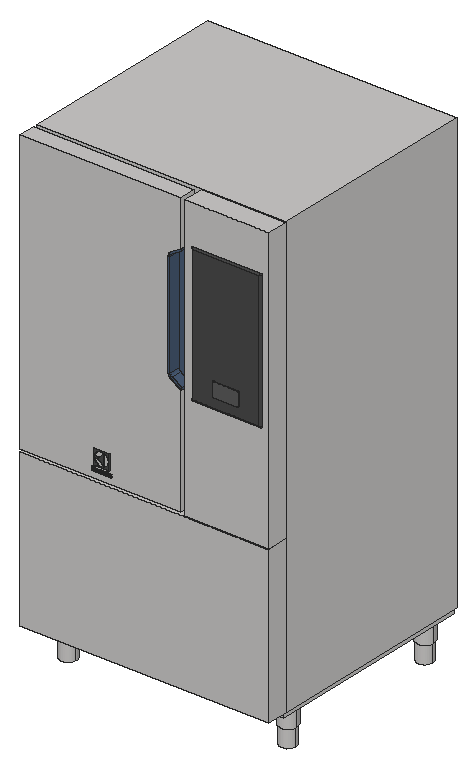
Revit family "QF_ELECTROLUXPROFESSIONAL_725077_EBFA11EP2P", category Specialty Equipment, Revit 2018 (continued)
Definition of nested family "ELX_Logo_Symbol"
  Forms (mm)
    Extrusion 1, solid
      sketch origin (0, 0, 0) x (1, 0, 0) y (0, 1, 0)
        loop
          line (-1219.2, 1219.2) -> (-1219.2, -1219.2) -> (1219.2, -1219.2) -> (1219.2, 1219.2) -> (-1219.2, 1219.2)
      from 0 to -304.8
    Extrusion 2, solid, material <- "M"
      sketch origin (94.462, 558.781, 0) x (1, 0, 0) y (0, 1, 0)
        loop
          line (-101.645, -583.129) -> (-101.645, -534.543)
          arc (-101.645, -534.543) -> (-119.606, -558.836) -> (-101.645, -583.129) r 25.41
        loop
          arc (-99.174, -583.129) -> (-78.968, -578.537) -> (-69.233, -560.244) r 24.902
          line (-69.233, -560.244) -> (-77.271, -560.244)
          arc (-77.271, -560.244) -> (-91.631, -566.073) -> (-99.174, -579.611) r 23.341
          line (-99.174, -579.611) -> (-99.174, -583.129)
        loop
          arc (-99.174, -538.061) -> (-91.631, -551.599) -> (-77.271, -557.427) r 23.341
          line (-77.271, -557.427) -> (-69.233, -557.427)
          arc (-69.233, -557.427) -> (-78.952, -538.984) -> (-99.174, -533.918) r 25.553
          line (-99.174, -533.918) -> (-99.174, -538.061)
        loop
          line (-67.388, -585.781) -> (-67.388, -531.781) -> (-121.462, -531.781) -> (-121.462, -585.781) -> (-67.388, -585.781)
      from 0 to 1.644
  Dimensions and locks
    aligned and locked: plane 2 to Extrusion 1
    aligned and locked: level to Extrusion 1
